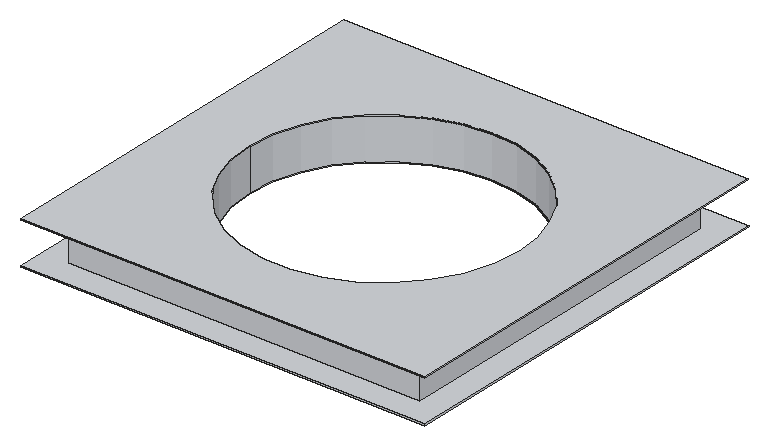
Revit family
Parameters (values of type "DW30VFIRESTOPKIT")
  WALLTHICK = 4 77/128"  # constant formula
  Model = "DW30VFIRESTOPKIT"
  Manufacturer = "CaptiveAire"
  PLATETHICK = 27/256"  # constant formula
  Description = "30\" Double Vertical Fire Stop"
  DUCTRAD = (DUCTDIA / 2)  # 15"
  PLATESIZE = 45"
  INSULATIONSIZE = 39"
  DUCTDIA = 30"
Types (10): name | Model | Description | DUCTRAD | PLATESIZE | INSULATIONSIZE | DUCTDIA
  (no name) | "DW30VFIRESTOPKIT" | "30\" Double Vertical Fire Stop" | 15" | 45" | 39" | 30"
  DW12VFIRESTOPKIT | "DW12VFIRESTOPKIT" | "12\" Double Vertical Fire Stop" | 7" | 27" | 21" | 14"
  DW14VFIRESTOPKIT | "DW14VFIRESTOPKIT" | "14\" Double Vertical Fire Stop" | 8" | 29" | 23" | 16"
  DW16VFIRESTOPKIT | "DW16VFIRESTOPKIT" | "16\" Double Vertical Fire Stop" | 9" | 31" | 25" | 18"
  DW18VFIRESTOPKIT | "DW18VFIRESTOPKIT" | "18\" Double Vertical Fire Stop" | 10" | 33" | 27" | 20"
  DW20VFIRESTOPKIT | "DW20VFIRESTOPKIT" | "20\" Double Vertical Fire Stop" | 11" | 35" | 29" | 22"
  DW22VFIRESTOPKIT | "DW22VFIRESTOPKIT" | "22\" Double Vertical Fire Stop" | 12" | 37" | 31" | 24"
  DW24VFIRESTOPKIT | "DW24VFIRESTOPKIT" | "24\" Double Vertical Fire Stop" | 13" | 39" | 33" | 26"
  DW26VFIRESTOPKIT | "DW26VFIRESTOPKIT" | "26\" Double Vertical Fire Stop" | 14" | 41" | 35" | 28"
  DW30VFIRESTOPKIT | "DW30VFIRESTOPKIT" | "30\" Double Vertical Fire Stop" | 15" | 45" | 39" | 30"
Reference planes (in)
  plane 1 "Center (Front/Back)": y = 0
  plane 2: z = 0
  plane 3 "Center (Left/Right)": z = 4.70703
  plane 4: x = 14.11123
  plane 5: x = 18.61123
  plane 6: x = 21.61123
  plane 7: x = -20.38877
  plane 8: x = -23.38877
  plane 9: y = 19.5
  plane 10: y = 22.5
  plane 11: y = -19.5
  plane 12: y = -22.5
  plane 13: z = 0.10547
  plane 14: z = 0
  plane 15: z = 4.8125
  plane 16: x = -0.88877
Forms (in)
  Extrusion 1, solid
    sketch origin (-10.84782, -180, 0.10547) x (-1, 0, 0) y (0, -1, 0)
      loop
        line (-29.45905, -199.5) -> (9.54095, -199.5) -> (9.54095, -160.5) -> (-29.45905, -160.5) -> (-29.45905, -199.5)
      loop
        circle (-9.95905, -180) r 15
    from 0 to 4.60156
  Extrusion 2, solid
    sketch origin (-10.84782, -180, 4.8125) x (-1, 0, 0) y (0, -1, 0)
      loop
        line (-32.45905, -202.5) -> (12.54095, -202.5) -> (12.54095, -157.5) -> (-32.45905, -157.5) -> (-32.45905, -202.5)
      loop
        circle (-9.95905, -180) r 15
    from 0 to -0.10547
  Extrusion 3, solid
    sketch origin (8.28332, -180, 0) x (0, -1, 0) y (-1, 0, 0)
      loop
        circle (-180, 9.1721) r 15
      loop
        line (-202.5, -13.3279) -> (-157.5, -13.3279) -> (-157.5, 31.6721) -> (-202.5, 31.6721) -> (-202.5, -13.3279)
    from 0 to -0.10547
Dimensions and locks (in)
  "INSULATIONSIZE": plane 5 to plane 7
  "PLATESIZE": plane 6 to plane 8
  equal spacing: plane 9, plane 1 "Center (Front/Back)", plane 11
  equal spacing: plane 10, plane 1 "Center (Front/Back)", plane 12
  "INSULATIONSIZE": plane 9 to plane 11
  "PLATESIZE": plane 10 to plane 12
  "PLATETHICK": plane 3 "Center (Left/Right)" to plane 15
  "PLATETHICK": plane 13 to plane 14
  "WALLTHICK": plane 3 "Center (Left/Right)" to plane 13
  equal spacing: plane 7, plane 16, plane 5
  equal spacing: plane 6, plane 16, plane 8
  "DUCTRAD": plane 4 to plane 16
  locked: Extrusion 1 sketch curve to plane 16
  "DUCTRAD": radius of Extrusion 1 sketch curve
  aligned and locked: plane 9 to Extrusion 1 sketch curve
  aligned and locked: Extrusion 1 sketch curve to plane 11
  aligned and locked: Extrusion 1 sketch curve to plane 7
  aligned and locked: Extrusion 1 sketch curve to plane 5
  aligned and locked: plane 3 "Center (Left/Right)" to Extrusion 1
  aligned and locked: Extrusion 2 sketch curve to Extrusion 1
  aligned and locked: plane 8 to Extrusion 2 sketch curve
  aligned and locked: Extrusion 2 sketch curve to plane 12
  aligned and locked: plane 6 to Extrusion 2 sketch curve
  aligned and locked: plane 10 to Extrusion 2 sketch curve
  aligned and locked: Extrusion 2 to plane 3 "Center (Left/Right)"
  aligned and locked: plane 6 to Extrusion 3 sketch curve
  aligned and locked: Extrusion 3 sketch curve to plane 12
  aligned and locked: plane 8 to Extrusion 3 sketch curve
  aligned and locked: plane 10 to Extrusion 3 sketch curve
  aligned and locked: Extrusion 3 sketch curve to Extrusion 2
  aligned and locked: plane 13 to Extrusion 3
Automatic sketch dimensions
  Extrusion 1 sketch curve to plane 1 "Center (Front/Back)" = 0"
